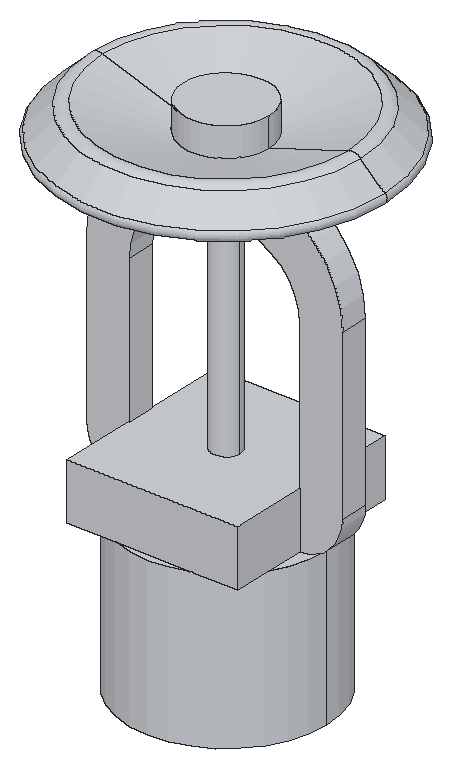
Revit family
Parameters (values of type "RASCO F1FR56 CONVENTIONAL")
  URL = ""
  Temperature Rating = 155 °F
  Response = 1
  RASCO SIN # = "RA1475"
  RASCO Part # = "F1FR56C1C"
  Pressure Rating = "175 PSI"
  Pressure Class = (empty or 0)
  Orifice Size = 1/2"
  Orifice = (empty or 0)
  Model = "F1FR56"
  Manufacturer = "RASCO"
  K-Factor = 5.6
  Description = "Chrome Finish"
  Coverage = (empty or 0)
Reference planes (in)
  plane 1 "Center (Front/Back)": y = 0
  plane 2: z = 0
  plane 3 "Center (Left/Right)": x = 0
Nested families (in)
  nested 1: "F1FR56C1C" at (0, 0, 0), type "RASCO F1FR56 CONVENTIONAL"
Connectors (in)
  piping at (0, 0, 0)
    settings: on nested 1, index 1, connector radius 115/256", flow factor 0, pipe flow 0 GPM, pressure drop 0.00 psi, fitting loss kfactor 0, connector angle 0.00°, fixture units 0, flow configuration 0, flow direction 0, fitting loss method 0, system type 7, connector reference index -1, connector utility 0, adjustable connector no, is connector primary yes, fitting loss table "", connector description ""
Definition of nested family "F1FR56C1C"
  Parameters (values of type "RASCO F1FR56 CONVENTIONAL")
    Type Comments = ""
    Temperature Rating = 0 °F
    Response = (empty or 0)
    Pressure Rating = "0"
    Pressure Class = (empty or 0)
    Orifice Size = 0"
    Orifice = (empty or 0)
    Model = ""
    Manufacturer = ""
    K-Factor = 0
    Description = ""
    Coverage = (empty or 0)
    Assembly Code = ""
  Reference planes (in)
    plane 1 "Center (Front/Back)": y = 0
    plane 2: z = 0
    plane 3 "ref.2": z = 0.6875
    plane 4 "ref.3": z = 0.9375
    plane 5: x = -0.38065
    plane 6: x = 0.36935
    plane 7 "ref. side 1": y = 0.06402
    plane 8 "ref. side 2": y = -0.06098
    plane 9 "ref.4": z = 1.875
    plane 10 "ref.5": z = 2.3125
    plane 11 "ref.6": z = 2.4375
  Forms (in)
    Extrusion 1, solid
      sketch origin (0, 0, 0) x (1, 0, 0) y (0, 1, 0)
        loop
          circle (0, 0) r 0.4375
      from 0 to 0.6875
    Extrusion 2, solid
      sketch origin (-0.12185, 0.05177, 0.6875) x (1, 0, 0) y (0, 1, 0)
        loop
          line (-0.2588, 0.356) -> (-0.2588, -0.4565) -> (0.4912, -0.4565) -> (0.4912, 0.356) -> (-0.2588, 0.356)
      from 0 to 0.25
    Extrusion 3, solid
      sketch origin (0, 0, 0) x (1, 0, 0) y (0, 0, 1)
        loop
          line (-0.38065, 0.68754) -> (-0.38065, 1.58397)
          arc (-0.38065, 1.58397) -> (-0.29541, 1.78976) -> (-0.08962, 1.875) r 0.29103
          line (-0.08962, 1.875) -> (0.07524, 1.875)
          arc (0.07524, 1.875) -> (0.28321, 1.78886) -> (0.36935, 1.58089) r 0.29411
          line (0.36935, 1.58089) -> (0.36935, 0.68751)
          arc (0.36935, 0.68751) -> (0.50207, 0.74393) -> (0.55685, 0.87734) r 0.18984
          line (0.55685, 0.87734) -> (0.55685, 1.61676)
          arc (0.55685, 1.61676) -> (0.42629, 1.93194) -> (0.11111, 2.0625) r 0.44574
          line (0.11111, 2.0625) -> (-0.12259, 2.0625)
          arc (-0.12259, 2.0625) -> (-0.43765, 1.932) -> (-0.56815, 1.61694) r 0.44556
          line (-0.56815, 1.61694) -> (-0.56815, 0.87876)
          arc (-0.56815, 0.87876) -> (-0.51345, 0.74486) -> (-0.38065, 0.68754) r 0.19126
      from -0.06402 to 0.06098
    Extrusion 4, solid
      sketch origin (0, 0, 0.9375) x (-1, 0, 0) y (0, -1, 0)
        loop
          circle (0.00574, -0.00152) r 0.0625
      from 0 to 0.9375
    Extrusion 5, solid
      sketch origin (0, 0, 1.875) x (-1, 0, 0) y (0, -1, 0)
        loop
          circle (0.00574, -0.00152) r 0.1875
      from 0 to 0.4375
    Revolve 6, solid
      sketch origin (0, 0, -0.12636) x (1, 0, 0) y (0, 0, 1)
        loop
          line (-0.19416, 2.3128) -> (-0.54626, 2.4272)
          arc (-0.54626, 2.4272) -> (-0.57583, 2.42844) -> (-0.60178, 2.4142) r 0.05507
          line (-0.60178, 2.4142) -> (-0.70574, 2.3125)
          arc (-0.70574, 2.3125) -> (-0.70595, 2.27395) -> (-0.66741, 2.27416) r 0.02711
          line (-0.66741, 2.27416) -> (-0.59011, 2.35147)
          arc (-0.59011, 2.35147) -> (-0.56426, 2.36594) -> (-0.53465, 2.36478) r 0.05457
          line (-0.53465, 2.36478) -> (-0.19416, 2.25415) -> (-0.19416, 2.3128)
        axis (-0.00574, 2.4272) -> (-0.00574, 2.25415)
      angle from 0 to 360
  Cuts and joins
    joined: Extrusion 1, Extrusion 2, Extrusion 4
  Lines and regions (in)
    model lines
      curve 1: line (-0.00574, 0.06402, 1.875) -> (-0.00574, -0.06098, 1.875)
